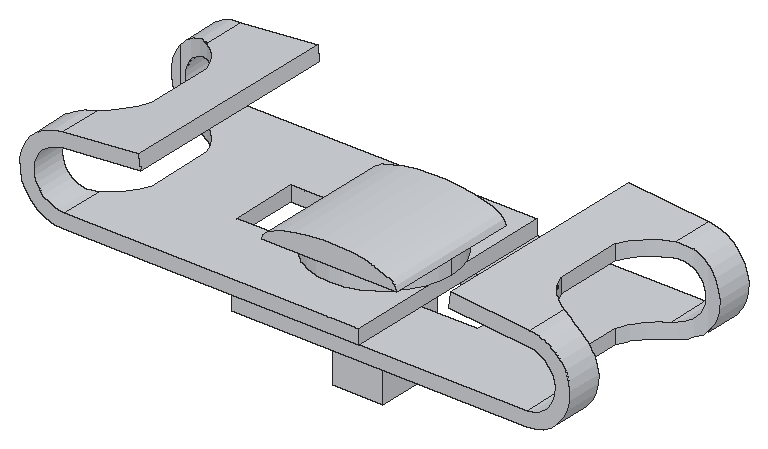
Revit family "eckverbinder", category Generic Models, Revit 2017
Family settings
  Can host rebar = No
  Round Connector Dimension = Use Diameter
  Part Type = Normal
  Work Plane-Based = No
  Always vertical = Yes
  Cut with Voids When Loaded = No
  Shared = No
  Room Calculation Point = No
Parameters (values of type "GEV 36 A4")
  URL = "http://www.obo-bettermann.com"
  Material = Stainless steel, A4
  Manufacturer Art.No. = "6016764"
  Manufacturer = "OBO BETTERMANN"
  GTIN = "4012196120253"
  Article Type = "GEV 36 A4"
Types (5, lengths in mm): name | Material | Manufacturer Art.No. | GTIN | Article Type
  (no name) | Stainless steel, A4 | "6016764" | "4012196120253" | "GEV 36 A4"
  GEV 36 FT | Hot-dip galvanised | "6016723" | "4012196013272" | "GEV 36 FT"
  GEV 36 G | Electro-galvanised | "6016715" | "4012196307876" | "GEV 36 FT"
  GEV 36 A2 | Stainless steel, A2 | "6016731" | "4012196013333" | "GEV 36 A2"
  GEV 36 A4 | Stainless steel, A4 | "6016764" | "4012196120253" | "GEV 36 A4"
Reference planes
  plane 1 "Center (Front/Back)": y = 0
  plane 2: z = 0
  plane 3 "Center (Left/Right)": x = 0
  plane 4: z = 9.7
  plane 5: x = 30.508
  plane 6: x = 35.067
  plane 7: x = 11.5
  plane 8: y = 11.555
  plane 9: z = 11.2
  plane 10: x = -9.411
  plane 11: x = -17.35
  plane 12: x = -21.811
  plane 13: y = 11.555
  plane 14: x = 1.65
  plane 15: x = -14.549
  plane 16: x = -21.871
  plane 17: y = 15.055
  plane 18: y = 8.055
  plane 19: z = 11.13
  plane 20: x = 27.647
  plane 21: y = 11.555
  plane 22: y = 15.055
  plane 23: y = 8.055
  plane 24: z = 9.705
  plane 25: y = 11.555
  plane 26: x = 6.5
Forms (mm)
  Extrusion 1, solid
    sketch origin (0, 0, 0) x (1, 0, 0) y (0, 0, 1)
      loop
        line (22.516, 8.242) -> (30.767, 7.532)
        arc (30.767, 7.532) -> (33.527, 4.392) -> (30.508, 1.5) r 3.022
        line (30.508, 1.5) -> (0, 1.5) -> (0, 0) -> (30.508, 0)
        arc (30.508, 0) -> (35.025, 4.327) -> (30.896, 9.026) r 4.522
        line (30.896, 9.026) -> (22.647, 9.737) -> (22.516, 8.242)
    from -23.055 to 0
  Extrusion 2, void
    sketch origin (0, 0, 0) x (1, 0, 0) y (0, 1, 0)
      loop
        line (4, 15.055) -> (4, 8.055) -> (19, 8.055) -> (19, 15.055) -> (4, 15.055)
    from 0 to 1.5
  Extrusion 3, solid
    sketch origin (0, 0, 0) x (1, 0, 0) y (0, 0, 1)
      loop
        line (13.15, 3) -> (-17.358, 3)
        arc (-17.358, 3) -> (-20.355, 6.001) -> (-17.351, 8.994) r 2.997
        line (-17.351, 8.994) -> (-9.404, 9.69) -> (-9.549, 11.183) -> (-17.421, 10.494)
        arc (-17.421, 10.494) -> (-21.855, 5.966) -> (-17.358, 1.5) r 4.497
        line (-17.358, 1.5) -> (13.15, 1.5) -> (13.15, 3)
    from -23.055 to 0
  Extrusion 4, void
    sketch origin (0, 0, 0) x (1, 0, 0) y (0, 1, 0)
      loop
        line (-5.85, 15.055) -> (-5.85, 8.055) -> (9.15, 8.055) -> (9.15, 15.055) -> (-5.85, 15.055)
    from 1.5 to 3
  Extrusion 5, void
    sketch origin (0, 0, 0) x (1, 0, 0) y (0, 1, 0)
      loop
        line (-22.479, 19.555) -> (-22.479, 3.774)
        arc (-22.479, 3.774) -> (-17.667, 4.346) -> (-14.549, 8.055) r 6.586
        line (-14.549, 8.055) -> (-14.549, 15.055)
        arc (-14.549, 15.055) -> (-17.023, 18.372) -> (-20.989, 19.555) r 6.58
        line (-20.989, 19.555) -> (-22.479, 19.555)
    from 1.5 to 11.13
  Extrusion 6, void
    sketch origin (0.355, 0, 0) x (1, 0, 0) y (0, 1, 0)
      loop
        arc (35.518, 19.248) -> (30.568, 18.802) -> (27.309, 15.05) r 6.653
        line (27.309, 15.05) -> (27.309, 8.061)
        arc (27.309, 8.061) -> (30.567, 4.308) -> (35.518, 3.869) r 6.639
        line (35.518, 3.869) -> (35.518, 19.248)
    from 0 to 9.521
  Extrusion 7, solid
    sketch origin (0, 0, 0) x (1, 0, 0) y (0, 1, 0)
      loop
        circle (6.5, 11.555) r 7.003
    from 3 to 4.54
  Extrusion 8, solid
    sketch origin (0, 0, 2.669) x (1, 0, 0) y (0, 0, 1)
      loop
        line (4, 0.331) -> (4, -11.669) -> (9.177, -11.669) -> (9.177, 0.331) -> (4, 0.331)
    from -15.055 to -8.055
  Extrusion 9, solid
    sketch origin (0, 0, 0) x (1, 0, 0) y (0, 0, 1)
      loop
        spline (13.519, 4.54) -> (13.28, 5.077) -> (12.58, 5.578) -> (11.466, 6.007) -> (10.014, 6.337) -> (8.323, 6.544) -> (6.508, 6.615) -> (4.693, 6.544) -> (3.002, 6.337) -> (1.55, 6.007) -> (0.436, 5.578) -> (-0.265, 5.077) -> (-0.503, 4.54)
        line (-0.503, 4.54) -> (13.519, 4.54)
    from -18.567 to -4.539
Cuts and joins
  Extrusion 2, Extrusion 4, Extrusion 6 cuts Extrusion 1
  Extrusion 4, Extrusion 5 cuts Extrusion 3
Dimensions and locks
  locked: plane 6 to plane 3 "Center (Left/Right)" at 35.067
  locked: plane 6 to Extrusion 1 sketch curve at 12.42
  locked: plane 6 to Extrusion 1 sketch curve at 12.551
  Extrusion 1 sketch curve to Extrusion 1 sketch curve = 1.5 mm
  locked: Extrusion 1 sketch curve to Extrusion 1 sketch curve at 1.5
  locked: Extrusion 1 sketch curve to plane 6 at 35.067
  locked: Extrusion 1 sketch curve to Extrusion 1 sketch curve at 8.242
  locked: Extrusion 1 to Extrusion 1 at 23.055
  locked: Extrusion 1 to plane 7 at 11.5
  locked: Extrusion 1 to plane 8 at 11.5
  Extrusion 2 sketch curve to Extrusion 2 sketch curve = 7 mm
  plane 8 to Extrusion 2 sketch curve = 3.5 mm
  locked: Extrusion 2 sketch curve to Extrusion 2 sketch curve at 15
  locked: plane 7 to Extrusion 2 sketch curve at 7.5
  locked: Extrusion 2 sketch curve to Extrusion 1 at 8.055
  locked: plane 12 to plane 10 at 12.4
  locked: Extrusion 3 sketch curve to Extrusion 3 sketch curve at 1.5  (x2)
  locked: Extrusion 3 sketch curve to Extrusion 3 sketch curve at 35.005
  locked: Extrusion 3 sketch curve to Extrusion 3 sketch curve at 6.69
  locked: plane 3 "Center (Left/Right)" to Extrusion 3 sketch curve at 9.549
  locked: plane 3 "Center (Left/Right)" to Extrusion 3 sketch curve at 13.15
  locked: plane 9 to Extrusion 3 sketch curve at 9.7
  locked: Extrusion 3 to Extrusion 3 at 23.055
  locked: Extrusion 3 to plane 13 at 11.5
  locked: plane 14 to Extrusion 3 at 11.5
  locked: Extrusion 4 sketch curve to Extrusion 4 sketch curve at 7
  locked: plane 13 to Extrusion 4 sketch curve at 3.5
  locked: Extrusion 4 sketch curve to Extrusion 4 sketch curve at 15
  locked: plane 14 to Extrusion 4 sketch curve at 7.5
  Extrusion 3 to Extrusion 4 sketch curve = 8.055 mm
  Extrusion 3 to Extrusion 4 sketch curve = 3.699 mm
  locked: plane 15 to cut or joined group of Extrusion 3, Extrusion 4, Extrusion 5 at 5
  Extrusion 5 sketch curve to Extrusion 5 sketch curve = 7.93 mm
  locked: cut or joined group of Extrusion 3, Extrusion 4, Extrusion 5 to Extrusion 5 sketch curve at 8.055
  cut or joined group of Extrusion 3, Extrusion 4, Extrusion 5 to cut or joined group of Extrusion 3, Extrusion 4, Extrusion 5 = 7.93 mm
  locked: plane 19 to level at 11.13
  cut or joined group of Extrusion 1, Extrusion 2, Extrusion 4, Extrusion 6 to plane 20 = 5 mm
  cut or joined group of Extrusion 1, Extrusion 2, Extrusion 4, Extrusion 6 to plane 21 = 11.5 mm
  cut or joined group of Extrusion 1, Extrusion 2, Extrusion 4, Extrusion 6 to Extrusion 6 sketch curve = 13.225 mm
  Extrusion 6 sketch curve to Extrusion 6 sketch curve = 15.379 mm
  Extrusion 6 sketch curve to Extrusion 6 sketch curve = 8.209 mm
  Extrusion 6 sketch curve to Extrusion 6 sketch curve = 9.221 mm
  Extrusion 6 sketch curve to Extrusion 6 sketch curve = 9.218 mm
  locked: cut or joined group of Extrusion 1, Extrusion 2, Extrusion 4, Extrusion 6 to plane 26 at 2.5
  locked: Extrusion 7 to cut or joined group of Extrusion 3, Extrusion 4, Extrusion 5 at 1.54  (x2)
  locked: plane 26 to Extrusion 8 sketch curve at 2.5
  cut or joined group of Extrusion 3, Extrusion 4, Extrusion 5 to Extrusion 8 sketch curve = 12 mm
  Extrusion 8 to Extrusion 8 = 7 mm
  locked: cut or joined group of Extrusion 3, Extrusion 4, Extrusion 5 to Extrusion 8 at 12
  radius of Extrusion 1 sketch curve = 3.022 mm
  diameter of Extrusion 7 sketch curve = 14.007 mm
  aligned and locked: level to plane 2
  aligned and locked: plane 1 "Center (Front/Back)" to Extrusion 1
  aligned and locked: Extrusion 2 to level
  aligned and locked: Extrusion 1 to Extrusion 2
  aligned and locked: cut or joined group of Extrusion 1, Extrusion 2, Extrusion 4, Extrusion 6 to Extrusion 3
  aligned and locked: Extrusion 3 to cut or joined group of Extrusion 1, Extrusion 2, Extrusion 4, Extrusion 6
  aligned and locked: Extrusion 4 to Extrusion 1
  aligned and locked: cut or joined group of Extrusion 3, Extrusion 4, Extrusion 5 to Extrusion 4
  aligned and locked: Extrusion 5 sketch curve to plane 15
  aligned and locked: Extrusion 1 to Extrusion 6
  aligned and locked: Extrusion 7 to cut or joined group of Extrusion 3, Extrusion 4, Extrusion 5
  aligned and locked: Extrusion 8 to cut or joined group of Extrusion 1, Extrusion 2, Extrusion 4, Extrusion 6  (x2)
  aligned and locked: cut or joined group of Extrusion 3, Extrusion 4, Extrusion 5 to Extrusion 8
  aligned and locked: Extrusion 9 sketch curve to Extrusion 7
Automatic sketch dimensions
  Extrusion 1 sketch curve to Extrusion 1 sketch curve = 0 mm
  Extrusion 1 sketch curve to level = 0 mm
  Extrusion 1 sketch curve to plane 5 = 0 mm
  Extrusion 3 sketch curve to Extrusion 3 sketch curve = 0 mm  (x2)
  plane 10 to Extrusion 3 sketch curve = 0.007 mm
  Extrusion 3 sketch curve to plane 11 = 0.008 mm
  Extrusion 3 sketch curve to plane 11 = 0 mm
  plane 17 to Extrusion 5 sketch curve = 0 mm
  plane 16 to Extrusion 5 sketch curve = 1.078 mm
  plane 16 to Extrusion 5 sketch curve = 1.075 mm
  plane 16 to Extrusion 5 sketch curve = 0.882 mm
  Extrusion 5 sketch curve to plane 1 "Center (Front/Back)" = 3.774 mm
  plane 13 to Extrusion 5 sketch curve = 1.423 mm
  plane 23 to Extrusion 6 sketch curve = 0.006 mm
  Extrusion 6 sketch curve to plane 13 = 1.334 mm
  plane 13 to Extrusion 6 sketch curve = 1.323 mm
  plane 13 to Extrusion 7 sketch curve = 0 mm
  Extrusion 7 sketch curve to plane 26 = 0 mm
  plane 26 to Extrusion 8 sketch curve = 2.677 mm
  Extrusion 8 sketch curve to plane 24 = 6.705 mm
  Extrusion 9 sketch curve to plane 3 "Center (Left/Right)" = 0.503 mm
  plane 26 to Extrusion 9 sketch curve = 7.019 mm
